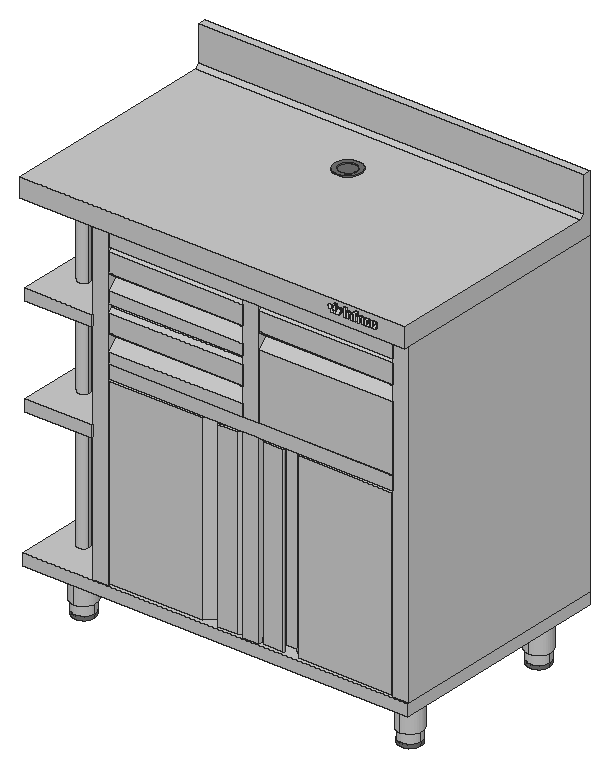
Revit family "QF_INFRICO_MCAF1000CD_250818084830", category Specialty Equipment, Revit 2021
Family settings
  Round Connector Dimension = Use Diameter
  Part Type = Normal
  OmniClass Number = 23.40.40.14
  OmniClass Title = Food Service Equipment
  Work Plane-Based = No
  Always vertical = Yes
  Cut with Voids When Loaded = No
  Shared = No
  Room Calculation Point = No
Parameters (values of type "MCAF1000CD")
  Weight [instance] = 59.00 kg
  Warranty Start Date [instance] = ""
  Warranty Duration [instance] = ""
  URL Recommended Spares List [instance] = ""
  URL Manufacturer [instance] = ""
  URL Cutsheet [instance] = ""
  URL Critical Spares List [instance] = ""
  URL = "www.infrico.com"
  Technical Documentation [instance] = ""
  Tag Number [instance] = ""
  Status [instance] = ""
  Specification by User [instance] = ""
  Specification by Manufacturer [instance] = ""
  Sound Level [instance] = ""
  Show Logo [instance] = yes
  Show Clearances [instance] = yes
  Service Life Duration [instance] = ""
  Serial Number [instance] = ""
  Seismic Rating [instance] = ""
  SMACNA No [instance] = ""
  Revision Code [instance] = ""
  Revision [instance] = ""
  Production Year [instance] = ""
  Point Load [instance] = 0
  Other Equipment Approvals [instance] = ""
  NAFEM Spec ID Number [instance] = ""
  Model Warning [instance] = ""
  Model = "MCAF1000CD"
  Masterspec [instance] = ""
  Manufacturer = "INFRICO"
  Length Actual [instance] = 1000 mm
  Item Number [instance] = ""
  Installed By [instance] = ""
  Installation Date [instance] = ""
  Identify Quantity as Lot [instance] = no
  ID [instance] = ""
  Hygiene Approval [instance] = ""
  Height Actual [instance] = 1050 mm
  Furnished By [instance] = ""
  Foodservice Equipment Identifier [instance] = no
  ETL Approved [instance] = no
  Description = "COFFEE UNIT - MCAF SERIES"
  Depth Actual [instance] = 600 mm
  Default Elevation = 0 mm
  Cost = 0
  CSI MasterFormat [instance] = ""
  CE Approved [instance] = no
  Barcode [instance] = 0
  Author [instance] = ""
  Asset Identifier [instance] = ""
  Accessory [instance] = no
Reference planes
  plane 1 "Center (Front/Back)": y = 0
  plane 2: z = 0
  plane 3 "Center (Left/Right)": x = 0
Dimensions and locks
  aligned and locked: level to plane 2
Nested families
  nested 1: "QF_INFRICO_MCAF1000CD_2920" at (0, 0, 0), type "MCAF1000CD"
    with Weight 59.00 kg, Warranty Start Date "", Warranty Duration "", URL Cutsheet "", Technical Documentation "", Tag Number "", Status "", Specification by User "", Specification by Manufacturer "", Sound Level "", Solid Fuel Type "", Show Logo yes, Show Clearances yes, Show Clearance yes, Service Life Duration "", Serial Number "", Seismic Rating "", SMACNA No "", Revision Code "", Revision "", Production Year "", Point Load 0, Other Equipment Approvals "", NAFEM Spec ID Number "", Model Warning "", Masterspec "", Length Actual 1000 mm, Item Number "", Installed By "", Installation Date "", Identify Quantity as Lot yes, ID "", Hygiene Approval "", Height Actual 1050 mm, Furnished By "", Foodservice Equipment Identifier yes, ETL Approved yes, Depth Actual 600 mm, CSI MasterFormat "", CE Approved no, Barcode "", Author "", Asset Identifier "", Accessory no
  nested 2: "QF_INFRICO_WORKTOP_MCAF_3963" at (0, 0, 990), type "ENC12CPMC10"
    with Weight 0.00 kg, Warranty Start Date "", Warranty Duration "", URL Cutsheet "", Technical Documentation "", Tag Number "", Status "", Specification by User "", Specification by Manufacturer "", Sound Level "", Solid Fuel Type "", Show Logo yes, Show Clearances yes, Show Clearance yes, Service Life Duration "", Serial Number "", Seismic Rating "", SMACNA No "", Revision Code "", Revision "", Production Year "", Point Load 0, Other Equipment Approvals "", NAFEM Spec ID Number "", Model Warning "", Masterspec "", Length Actual 1000 mm, Item Number "", Installed By "", Installation Date "", Identify Quantity as Lot yes, ID "", Hygiene Approval "", Height Actual 150 mm, Furnished By "", Foodservice Equipment Identifier yes, ETL Approved yes, Depth Actual 600 mm, CSI MasterFormat "", CE Approved no, Barcode "", Author "", Asset Identifier "", Accessory yes
Definition of nested family "QF_INFRICO_MCAF1000CD_2920"
  Parameters (values of type "MCAF1000CD")
    Weight [instance] = 0.00 kg
    Warranty Start Date [instance] = ""
    Warranty Duration [instance] = ""
    URL Cutsheet [instance] = ""
    URL = "www.infrico.com"
    Technical Documentation [instance] = ""
    Tag Number [instance] = ""
    Status [instance] = ""
    Specification by User [instance] = ""
    Specification by Manufacturer [instance] = ""
    Sound Level [instance] = ""
    Solid Fuel Type [instance] = ""
    Show Logo [instance] = yes
    Show Clearances [instance] = yes
    Show Clearance [instance] = yes
    Service Life Duration [instance] = ""
    Serial Number [instance] = ""
    Seismic Rating [instance] = ""
    SMACNA No [instance] = ""
    Revision Code [instance] = ""
    Revision [instance] = ""
    Production Year [instance] = ""
    Point Load [instance] = 0
    Other Equipment Approvals [instance] = ""
    NAFEM Spec ID Number [instance] = ""
    Model Warning [instance] = ""
    Model = "MCAF1000CD"
    Masterspec [instance] = ""
    Manufacturer = "INFRICO"
    Length Actual [instance] = 0 mm
    Item Number [instance] = ""
    Installed By [instance] = ""
    Installation Date [instance] = ""
    Identify Quantity as Lot [instance] = yes
    ID [instance] = ""
    Hygiene Approval [instance] = ""
    Height Actual [instance] = 0 mm
    Furnished By [instance] = ""
    Foodservice Equipment Identifier [instance] = yes
    ETL Approved [instance] = yes
    Description = "COFFEE UNIT - MCAF SERIES"
    Depth Actual [instance] = 0 mm
    Default Elevation = 0 mm
    CSI MasterFormat [instance] = ""
    CE Approved [instance] = yes
    Barcode [instance] = ""
    Author [instance] = ""
    Asset Identifier [instance] = ""
    Assembly Code = "E1090320"
    Accessory [instance] = yes
  Reference planes
    plane 1 "Back": y = 0
    plane 2: z = 0
    plane 3 "Left": x = 0
    plane 4 "Right": x = 1000
    plane 5 "Front": y = -600
    plane 6 "Top": z = 990
  Forms (mm)
    Extrusion 1, solid
      sketch origin (-1970.077, 406.333, 162.208) x (1, 0, 0) y (0, 1, 0)
        loop
          circle (2046.064, -477.342) r 15
      from -2.208 to 827.792
    Extrusion 2, solid
      sketch origin (-2000, 0, 130) x (0, 1, 0) y (0, 0, 1)
        loop
          line (0, 0) -> (0, 30) -> (-590.42, 30) -> (-590.42, 0) -> (0, 0)
      from 2000 to 3000
    Extrusion 3, solid
      sketch origin (-1970.077, -11.667, 162.208) x (1, 0, 0) y (0, 1, 0)
        loop
          circle (2046.064, -477.342) r 15
      from -2.208 to 827.792
    Extrusion 4, solid
      sketch origin (-2000.496, 0, 489.98) x (0, 1, 0) y (0, 0, 1)
        loop
          line (-1.18, 0) -> (-1.18, 30) -> (-590.42, 30) -> (-590.42, 0) -> (-1.18, 0)
      from 2005.497 to 2180.496
    Extrusion 5, solid
      sketch origin (-2000.496, 0, 747.98) x (0, 1, 0) y (0, 0, 1)
        loop
          line (-1.18, 0) -> (-1.18, 30) -> (-590.42, 30) -> (-590.42, 0) -> (-1.18, 0)
      from 2005.497 to 2180.496
    Extrusion 6, solid
      sketch origin (-4165.421, -1791.354, 306.976) x (0, 1, 0) y (0, 0, 1)
        loop
          line (1203.342, 629.226) -> (1203.342, 580.183)
          arc (1203.342, 580.183) -> (1205.032, 578.387) -> (1206.928, 579.964) r 1.8
          line (1206.928, 579.964) -> (1210.228, 606.836) -> (1214.91, 606.836) -> (1229.152, 592.594) -> (1229.152, 564.227) -> (1203.342, 538.417) -> (1203.342, 369.015) -> (1241.352, 369.015) -> (1241.352, 639.019) -> (1213.135, 639.019) -> (1203.342, 629.226)
      from 4776.423 to 5123.423
    Extrusion 7, solid
      sketch origin (-4553.821, -1791.354, 306.976) x (0, 1, 0) y (0, 0, 1)
        loop
          line (1203.342, 489.209) -> (1203.342, 440.167)
          arc (1203.342, 440.167) -> (1205.032, 438.37) -> (1206.928, 439.947) r 1.8
          line (1206.928, 439.947) -> (1210.228, 466.819) -> (1214.927, 466.819) -> (1229.152, 452.594) -> (1229.152, 424.21) -> (1203.342, 398.4) -> (1203.342, 369.015) -> (1241.352, 369.015) -> (1241.352, 499.019) -> (1213.152, 499.019) -> (1203.342, 489.209)
        loop
          line (1203.342, 629.226) -> (1203.342, 580.167)
          arc (1203.342, 580.167) -> (1205.032, 578.37) -> (1206.928, 579.947) r 1.8
          line (1206.928, 579.947) -> (1210.228, 606.819) -> (1214.927, 606.819) -> (1229.152, 592.594) -> (1229.152, 564.21) -> (1203.342, 538.4) -> (1203.342, 509.015) -> (1241.352, 509.015) -> (1241.352, 639.019) -> (1213.135, 639.019) -> (1203.342, 629.226)
      from 4775.843 to 5122.843
    Extrusion 8, solid
      sketch origin (-143.501, 0.1, 129.6) x (1, 0, 0) y (0, 1, 0)
        loop
          line (713.523, -550.102) -> (713.523, -588.112) -> (753.503, -588.112) -> (753.503, -550.102) -> (741.503, -550.102) -> (741.503, -576.302) -> (725.523, -576.302) -> (725.523, -550.102) -> (713.523, -550.102)
      from 545.391 to 817.395
    Extrusion 9, solid
      sketch origin (-143.501, 0.1, 129.6) x (1, 0, 0) y (0, 0, 1)
        loop
          line (363.501, 545.391) -> (363.501, 510.391) -> (1103.525, 510.391) -> (1103.525, 545.391) -> (363.501, 545.391)
      from 550.102 to 588.112
    Extrusion 10, solid
      sketch origin (-143.501, 0.1, 436.604) x (1, 0, 0) y (0, 0, 1)
        loop
          line (363.501, 550.391) -> (363.501, 510.391) -> (1103.525, 510.391) -> (1103.525, 550.391) -> (363.501, 550.391)
      from 550.102 to 588.112
    Extrusion 11, solid
      sketch origin (180, 0, 130) x (0, 1, 0) y (0, 0, 1)
        loop
          line (-588.012, 30) -> (0, 30) -> (0, 860) -> (-588.012, 860) -> (-588.012, 30)
      from 0 to 40
    Extrusion 12, solid
      sketch origin (960.024, 0, 130) x (0, 1, 0) y (0, 0, 1)
        loop
          line (-588.012, 30) -> (0, 30) -> (0, 860) -> (-588.012, 860) -> (-588.012, 30)
      from 0 to 40
    Extrusion 13, solid
      sketch origin (220.024, 0, 130) x (0, 1, 0) y (0, 0, 1)
        loop
          line (0, 30) -> (0, 130) -> (-2, 130) -> (-2, 30) -> (0, 30)
      from -0.024 to 740
    Extrusion 14, solid
      sketch origin (-144.001, 0, 130) x (0, 1, 0) y (0, 0, 1)
        loop
          line (0, 30) -> (0, 860) -> (-2, 860) -> (-2, 30) -> (0, 30)
      from 144.001 to 324.001
    Extrusion 15, solid
      sketch origin (-144.001, 0, 129.6) x (0, 1, 0) y (0, 0, 1)
        loop
          line (-2, 545.391) -> (0, 545.391) -> (0, 860.4) -> (-2, 860.4) -> (-2, 545.391)
      from 364.001 to 1104.025
    Extrusion 16, solid
      sketch origin (-123.986, 92, 130) x (0, 1, 0) y (-1, 0, 0)
        loop
          line (-530, -154.986) -> (-630, -154.986) -> (-630, -244.986) -> (-530, -244.986) -> (-530, -154.986)
      from 0 to -3
    Extrusion 17, solid
      sketch origin (-123.986, 92, 0) x (1, 0, 0) y (0, 1, 0)
        loop
          circle (199.986, -580) r 28
      from 9 to 35
    Extrusion 18, solid
      sketch origin (-123.986, 92, 0) x (1, 0, 0) y (0, 1, 0)
        loop
          circle (199.986, -580) r 28.5
      from 0 to 9
    Sweep 19, solid
      path origin (-123.986, 92, 0) x (0, 1, 0) y (0, 0, 1)
        loop
          line (-580, 35) -> (-580, 127)
      profile origin (-123.986, -488, 81) x (0, -1, 0) y (1, 0, 0)
        loop
          circle (0, 199.986) r 32
    Extrusion 20, solid
      sketch origin (-123.986, 510, 130) x (0, 1, 0) y (-1, 0, 0)
        loop
          line (-530, -154.986) -> (-630, -154.986) -> (-630, -244.986) -> (-530, -244.986) -> (-530, -154.986)
      from 0 to -3
    Extrusion 21, solid
      sketch origin (-123.986, 510, 0) x (1, 0, 0) y (0, 1, 0)
        loop
          circle (199.986, -580) r 28
      from 9 to 35
    Extrusion 22, solid
      sketch origin (-123.986, 510, 0) x (1, 0, 0) y (0, 1, 0)
        loop
          circle (199.986, -580) r 28.5
      from 0 to 9
    Sweep 23, solid
      path origin (-123.986, 510, 0) x (0, 1, 0) y (0, 0, 1)
        loop
          line (-580, 35) -> (-580, 127)
      profile origin (-123.986, -70, 81) x (0, -1, 0) y (1, 0, 0)
        loop
          circle (0, 199.986) r 32
    Extrusion 24, solid
      sketch origin (724.014, 92, 130) x (0, 1, 0) y (-1, 0, 0)
        loop
          line (-530, -154.986) -> (-630, -154.986) -> (-630, -244.986) -> (-530, -244.986) -> (-530, -154.986)
      from 0 to -3
    Extrusion 25, solid
      sketch origin (724.014, 92, 0) x (1, 0, 0) y (0, 1, 0)
        loop
          circle (199.986, -580) r 28
      from 9 to 35
    Extrusion 26, solid
      sketch origin (724.014, 92, 0) x (1, 0, 0) y (0, 1, 0)
        loop
          circle (199.986, -580) r 28.5
      from 0 to 9
    Sweep 27, solid
      path origin (724.014, 92, 0) x (0, 1, 0) y (0, 0, 1)
        loop
          line (-580, 35) -> (-580, 127)
      profile origin (724.014, -488, 81) x (0, -1, 0) y (1, 0, 0)
        loop
          circle (0, 199.986) r 32
    Extrusion 28, solid
      sketch origin (724.014, 510, 130) x (0, 1, 0) y (-1, 0, 0)
        loop
          line (-530, -154.986) -> (-630, -154.986) -> (-630, -244.986) -> (-530, -244.986) -> (-530, -154.986)
      from 0 to -3
    Extrusion 29, solid
      sketch origin (724.014, 510, 0) x (1, 0, 0) y (0, 1, 0)
        loop
          circle (199.986, -580) r 28
      from 9 to 35
    Extrusion 30, solid
      sketch origin (724.014, 510, 0) x (1, 0, 0) y (0, 1, 0)
        loop
          circle (199.986, -580) r 28.5
      from 0 to 9
    Sweep 31, solid
      path origin (724.014, 510, 0) x (0, 1, 0) y (0, 0, 1)
        loop
          line (-580, 35) -> (-580, 127)
      profile origin (724.014, -70, 81) x (0, -1, 0) y (1, 0, 0)
        loop
          circle (0, 199.986) r 32
    Extrusion 32, solid
      sketch origin (-143.501, 0.1, -177.004) x (1, 0, 0) y (0, 1, 0)
        loop
          line (713.523, -550.102) -> (713.523, -588.112) -> (753.503, -588.112) -> (753.503, -550.102) -> (741.503, -550.102) -> (741.503, -576.302) -> (725.523, -576.302) -> (725.523, -550.102) -> (713.523, -550.102)
      from 337.004 to 816.995
    Extrusion 33, solid
      sketch origin (-2144.001, -1999.892, 129.3) x (1, 0, 0) y (0, 1, 0)
        loop
          line (2649.583, 1411.88) -> (2700.005, 1411.88) -> (2710.015, 1421.89) -> (2710.015, 1449.89) -> (2367.015, 1449.89) -> (2367.015, 1411.88) -> (2608.712, 1411.88) -> (2634.927, 1438.094) -> (2663.311, 1438.094) -> (2677.536, 1423.869) -> (2677.536, 1419.171) -> (2649.117, 1415.681)
          arc (2649.117, 1415.681) -> (2647.668, 1413.574) -> (2649.583, 1411.88) r 1.929
      from 35.663 to 505.683
    Extrusion 34, solid
      sketch origin (3324.025, -1999.892, 129.3) x (-1, 0, 0) y (0, -1, 0)
        loop
          arc (2649.583, -1411.88) -> (2647.668, -1413.574) -> (2649.117, -1415.681) r 1.929
          line (2649.117, -1415.681) -> (2677.536, -1419.171) -> (2677.536, -1423.869) -> (2663.311, -1438.094) -> (2634.927, -1438.094) -> (2608.712, -1411.88) -> (2367.015, -1411.88) -> (2367.015, -1449.89) -> (2710.015, -1449.89) -> (2710.015, -1421.89) -> (2700.005, -1411.88) -> (2649.583, -1411.88)
      from 35.663 to 505.683
    Extrusion 35, solid, detail levels coarse
      sketch origin (-144.001, 0.1, -0.7) x (1, 0, 0) y (0, 1, 0)
        loop
          line (367.015, -588.112) -> (367.015, -893.112) -> (405.015, -893.112)
          arc (405.015, -893.112) -> (620.683, -803.78) -> (710.015, -588.112) r 305
          line (710.015, -588.112) -> (367.015, -588.112)
      from 165.663 to 635.683
    Extrusion 36, solid, detail levels coarse
      sketch origin (1324.025, 0.1, -0.7) x (-1, 0, 0) y (0, -1, 0)
        loop
          line (367.015, 588.112) -> (710.015, 588.112)
          arc (710.015, 588.112) -> (620.683, 803.78) -> (405.015, 893.112) r 305
          line (405.015, 893.112) -> (367.015, 893.112) -> (367.015, 588.112)
      from 165.663 to 635.683
  Lines and regions (mm)
    symbolic lines
      curve 1: line (0, 0, 0) -> (0, -600, 0)
      curve 2: line (0, -600, 0) -> (1000, -600, 0)
      curve 3: line (1000, -600, 0) -> (1000, 0, 0)
      curve 4: line (1000, 0, 0) -> (0, 0, 0)
      curve 5: line (223.014, -600, 0) -> (223.014, -893.012, 0)
      curve 6: arc (261.014, -893.012, 0) -> (472.401, -807.877, 0) -> (565.779, -600, 0) r 305
      curve 7: line (223.014, -893.012, 0) -> (261.014, -893.012, 0)
      curve 8: line (919.01, -893.012, 0) -> (957.01, -893.012, 0)
      curve 9: arc (614.245, -600, 0) -> (707.623, -807.877, 0) -> (919.01, -893.012, 0) r 305
      curve 10: line (957.01, -893.012, 0) -> (957.01, -600, 0)
  Dimensions and locks
    plane 3 "Left" to plane 4 "Right" = 1000 mm
    plane 1 "Back" to plane 5 "Front" = 600 mm  (x2)
    plane 4 "Right" to plane 3 "Left" = 1000 mm
    plane 6 "Top" to level = 990 mm  (x2)
    aligned and locked: level to plane 2
Definition of nested family "QF_INFRICO_WORKTOP_MCAF_3963"
  Parameters (values of type "ENC12CPMC25")
    Weight [instance] = 0.00 kg
    Warranty Start Date [instance] = ""
    Warranty Duration [instance] = ""
    URL Cutsheet [instance] = ""
    URL = "www.infrico.com"
    Technical Documentation [instance] = ""
    Tag Number [instance] = ""
    Status [instance] = ""
    Specification by User [instance] = ""
    Specification by Manufacturer [instance] = ""
    Sound Level [instance] = ""
    Solid Fuel Type [instance] = ""
    Show Logo [instance] = yes
    Show Clearances [instance] = yes
    Show Clearance [instance] = yes
    Service Life Duration [instance] = ""
    Serial Number [instance] = ""
    Seismic Rating [instance] = ""
    SMACNA No [instance] = ""
    Revision Code [instance] = ""
    Revision [instance] = ""
    Production Year [instance] = ""
    Point Load [instance] = 0
    Other Equipment Approvals [instance] = ""
    NAFEM Spec ID Number [instance] = ""
    Model Warning [instance] = ""
    Model = "ENC12CPMC25"
    Masterspec [instance] = ""
    Manufacturer = "INFRICO"
    Length Actual [instance] = 0 mm
    Length = 2452 mm
    Item Number [instance] = ""
    Installed By [instance] = ""
    Installation Date [instance] = ""
    Identify Quantity as Lot [instance] = yes
    ID [instance] = ""
    Hygiene Approval [instance] = ""
    Height Actual [instance] = 0 mm
    Furnished By [instance] = ""
    Foodservice Equipment Identifier [instance] = yes
    ETL Approved [instance] = yes
    Description = "WORKTOP WITH BACKSPLASH"
    Depth Actual [instance] = 0 mm
    Depth = 600 mm
    Default Elevation = 0 mm
    CSI MasterFormat [instance] = ""
    CE Approved [instance] = yes
    Barcode [instance] = ""
    Author [instance] = ""
    Asset Identifier [instance] = ""
    Assembly Code = "E1090320"
    Accessory [instance] = yes
  Types (5, lengths in mm): name | Model | Length
    ENC12CPMC8 | "ENC12CPMC8" | 820
    ENC12CPMC10 | "ENC12CPMC10" | 1000
    ENC12CPMC15 | "ENC12CPMC15" | 1468
    ENC12CPMC20 | "ENC12CPMC20" | 1960
    ENC12CPMC25 | "ENC12CPMC25" | 2452
  Reference planes
    plane 1 "Back": y = 0
    plane 2: z = 0
    plane 3 "Left": x = 0
    plane 4 "Right": x = 2452
    plane 5 "Front": y = -600
    plane 6 "Top": z = 150
    plane 7 "Center": x = 1226
    plane 8: z = 50
  Forms (mm)
    Extrusion 1, solid
      sketch origin (0, 0, 0) x (0, 1, 0) y (0, 0, 1)
        loop
          line (0, 0) -> (0, 150) -> (-20, 150) -> (-20, 60) -> (-30, 50) -> (-600, 50) -> (-600, 0) -> (0, 0)
      from 0 to 2452
    Extrusion 2, solid
      sketch origin (0, 0, 50) x (1, 0, 0) y (0, 1, 0)
        loop
          circle (1226, -160) r 34
        loop
          circle (1226, -160) r 23
      from 0 to 2
    Extrusion 3, solid
      sketch origin (0, 0, 48.5) x (1, 0, 0) y (0, 1, 0)
        loop
          circle (1226, -160) r 23
      from 0 to 2
  Lines and regions (mm)
    symbolic lines
      curve 1: line (2452, 0, 0) -> (0, 0, 0)
      curve 2: line (0, 0, 0) -> (0, -600, 0)
      curve 3: line (0, -600, 0) -> (2452, -600, 0)
      curve 4: line (2452, -600, 0) -> (2452, 0, 0)
      curve 5: line (0, -20, 0) -> (2452, -20, 0)
      curve 6: circle (1226, -160, 0) r 34 normal (0, 0, 1)
      curve 7: circle (1226, -160, 0) r 23 normal (0, 0, -1)
  Dimensions and locks
    plane 6 "Top" to level = 150 mm
    plane 1 "Back" to plane 5 "Front" = 600 mm
    equal spacing: plane 3 "Left", plane 7 "Center", plane 4 "Right"
    "Length": plane 3 "Left" to plane 4 "Right"
    "Depth": plane 5 "Front" to plane 1 "Back"
    locked: plane 8 to plane 2 at 50
    locked: nested 1 to plane 4 "Right" at 143.718
    aligned and locked: level to plane 2
    aligned and locked: Extrusion 1 to plane 4 "Right"
    aligned and locked: nested 1 to plane 2
    aligned and locked: nested 1 to plane 5 "Front"
  Automatic sketch dimensions
    curve 6 to curve 7 = 0 mm  (x2)
    plane 1 "Back" to curve 1 = 0 mm
    curve 1 to plane 3 "Left" = 0 mm
    curve 6 to plane 7 "Center" = 0 mm
    curve 4 to plane 4 "Right" = 0 mm
    curve 3 to plane 5 "Front" = 0 mm
    plane 1 "Back" to curve 7 = 160 mm
    plane 1 "Back" to curve 5 = 20 mm
    Extrusion 1 sketch curve to level = 0 mm
    Extrusion 1 sketch curve to plane 5 "Front" = 0 mm
    Extrusion 1 sketch curve to plane 6 "Top" = 0 mm
    Extrusion 1 sketch curve to plane 1 "Back" = 0 mm
    plane 1 "Back" to Extrusion 1 sketch curve = 30 mm
    Extrusion 1 sketch curve to Extrusion 1 sketch curve = 10 mm  (x2)
    level to Extrusion 1 sketch curve = 50 mm
    Extrusion 2 sketch curve to Extrusion 2 sketch curve = 0 mm  (x2)
    Extrusion 2 sketch curve to plane 7 "Center" = 0 mm
    plane 1 "Back" to Extrusion 2 sketch curve = 160 mm
    Extrusion 3 sketch curve to plane 7 "Center" = 0 mm
    plane 1 "Back" to Extrusion 3 sketch curve = 160 mm
    radius of curve 6 = 34 mm
    radius of curve 7 = 23 mm
    radius of Extrusion 2 sketch curve = 34 mm
    radius of Extrusion 2 sketch curve = 23 mm
    radius of Extrusion 3 sketch curve = 23 mm
  Nested families
    nested 1: "Infrico_Logo" at (2308.282, -600, 0), type "Infrico_Logo"
      with Show Logo yes
  Definition of nested family "Infrico_Logo"
    Parameters
      Show Logo [instance] = yes
      Default Elevation = 0 mm
    Reference planes
      plane 1 "Center (Front/Back)": y = 0
      plane 2: z = 0
      plane 3 "Center (Left/Right)": x = 0
    Forms (mm)
      Extrusion 1, solid, visible <- "Show Logo"
        sketch origin (0, 0, 0) x (1, 0, 0) y (0, 0, 1)
          loop
            line (-7.673, 19.987) -> (-7.673, 42.661) -> (-12.299, 42.661) -> (-12.299, 19.987) -> (-7.673, 19.987)
          loop
            line (-1.693, 36.463) -> (-5.189, 36.463) -> (-5.189, 19.987) -> (-0.7, 19.987) -> (-0.7, 31.289)
            arc (-0.7, 31.289) -> (1.056, 32.199) -> (2.945, 32.781) r 11.052
            arc (2.945, 32.781) -> (4.457, 32.418) -> (5.126, 31.015) r 1.806
            line (5.126, 31.015) -> (5.126, 19.987) -> (9.649, 19.987) -> (9.649, 32.146)
            arc (9.649, 32.146) -> (8.165, 35.533) -> (4.669, 36.738) r 4.607
            arc (4.669, 36.738) -> (1.81, 36.131) -> (-0.803, 34.819) r 11.435
            line (-0.803, 34.819) -> (-0.871, 35.641)
            arc (-0.871, 35.641) -> (-1.112, 36.223) -> (-1.693, 36.463) r 0.822
          loop
            line (22.085, 43.56) -> (20.834, 43.56)
            arc (20.834, 43.56) -> (18.58, 43.383) -> (16.409, 42.754) r 11.103
            arc (16.409, 42.754) -> (14.333, 41.074) -> (13.552, 38.519) r 4.567
            line (13.552, 38.519) -> (13.552, 36.366) -> (10.879, 36.16) -> (10.879, 32.831) -> (13.552, 32.831) -> (13.552, 19.987) -> (18.076, 19.987) -> (18.076, 32.831) -> (21.777, 32.831) -> (21.777, 36.395) -> (18.076, 36.395) -> (18.076, 38.005)
            arc (18.076, 38.005) -> (18.484, 39.163) -> (19.573, 39.728) r 1.67
            line (19.573, 39.728) -> (21.228, 39.856)
            arc (21.228, 39.856) -> (21.834, 40.107) -> (22.085, 40.713) r 0.857
            line (22.085, 40.713) -> (22.085, 43.56)
          loop
            line (23.007, 36.463) -> (23.007, 19.987) -> (27.496, 19.987) -> (27.496, 30.809)
            arc (27.496, 30.809) -> (29.401, 32.088) -> (31.605, 32.725) r 7.435
            line (31.605, 32.725) -> (32.769, 32.873)
            arc (32.769, 32.873) -> (33.171, 33.216) -> (33.321, 33.722) r 0.928
            line (33.321, 33.722) -> (33.321, 35.915)
            arc (33.321, 35.915) -> (33.059, 36.518) -> (32.44, 36.737) r 0.824
            arc (32.44, 36.737) -> (29.725, 36.045) -> (27.427, 34.442) r 7.833
            line (27.427, 34.442) -> (27.254, 36.463) -> (23.007, 36.463)
          loop
            line (39.023, 19.987) -> (39.023, 36.463) -> (34.534, 36.463) -> (34.534, 19.987) -> (39.023, 19.987)
          loop
            arc (40.949, 24.784) -> (42.095, 21.645) -> (44.994, 19.982) r 4.873
            arc (44.994, 19.982) -> (48.021, 19.723) -> (51.049, 19.982) r 17.816
            arc (51.049, 19.982) -> (54.103, 22.591) -> (55.033, 26.498) r 6.481
            line (55.033, 26.498) -> (50.715, 26.498) -> (50.715, 25.127)
            arc (50.715, 25.127) -> (50.168, 23.91) -> (48.97, 23.322) r 1.965
            arc (48.97, 23.322) -> (48.076, 23.273) -> (47.181, 23.322) r 8.196
            arc (47.181, 23.322) -> (45.945, 23.873) -> (45.438, 25.127) r 1.806
            line (45.438, 25.127) -> (45.438, 31.358)
            arc (45.438, 31.358) -> (45.945, 32.612) -> (47.181, 33.163) r 1.806
            arc (47.181, 33.163) -> (48.076, 33.212) -> (48.97, 33.163) r 8.196
            arc (48.97, 33.163) -> (50.168, 32.575) -> (50.715, 31.358) r 1.965
            line (50.715, 31.358) -> (50.715, 30.295) -> (55.033, 30.295)
            arc (55.033, 30.295) -> (54.052, 34.014) -> (51.049, 36.416) r 6.132
            arc (51.049, 36.416) -> (48.021, 36.751) -> (44.994, 36.416) r 13.851
            arc (44.994, 36.416) -> (42.099, 34.807) -> (40.949, 31.7) r 4.772
            line (40.949, 31.7) -> (40.949, 24.784)
          loop
            arc (56.444, 24.787) -> (57.521, 21.802) -> (60.254, 20.191) r 4.676
            arc (60.254, 20.191) -> (62.043, 19.913) -> (63.846, 19.748) r 28.371
            arc (63.846, 19.748) -> (65.65, 19.913) -> (67.439, 20.191) r 28.371
            arc (67.439, 20.191) -> (70.172, 21.802) -> (71.248, 24.787) r 4.676
            line (71.248, 24.787) -> (71.248, 31.699)
            arc (71.248, 31.699) -> (70.172, 34.684) -> (67.439, 36.295) r 4.676
            arc (67.439, 36.295) -> (65.65, 36.573) -> (63.846, 36.738) r 28.371
            arc (63.846, 36.738) -> (62.043, 36.573) -> (60.254, 36.295) r 28.371
            arc (60.254, 36.295) -> (57.521, 34.684) -> (56.444, 31.699) r 4.676
            line (56.444, 31.699) -> (56.444, 24.787)
          loop
            line (60.933, 31.323) -> (60.933, 25.162)
            arc (60.933, 25.162) -> (61.372, 24.014) -> (62.464, 23.449) r 1.725
            arc (62.464, 23.449) -> (63.155, 23.376) -> (63.846, 23.313) r 46.133
            arc (63.846, 23.313) -> (64.538, 23.376) -> (65.229, 23.449) r 46.133
            arc (65.229, 23.449) -> (66.321, 24.014) -> (66.759, 25.162) r 1.725
            line (66.759, 25.162) -> (66.759, 31.323)
            arc (66.759, 31.323) -> (66.321, 32.472) -> (65.229, 33.037) r 1.725
            arc (65.229, 33.037) -> (64.538, 33.11) -> (63.846, 33.173) r 46.133
            arc (63.846, 33.173) -> (63.155, 33.11) -> (62.464, 33.037) r 46.133
            arc (62.464, 33.037) -> (61.372, 32.472) -> (60.933, 31.323) r 1.725
          loop
            arc (-26.133, 20) -> (-25.061, 20.444) -> (-24.616, 21.516) r 1.516
            line (-24.616, 21.516) -> (-24.616, 27.349) -> (-20.437, 27.349)
            arc (-20.437, 27.349) -> (-19.682, 27.578) -> (-19.254, 28.24) r 1.147
            line (-19.254, 28.24) -> (-19.254, 29.669)
            arc (-19.254, 29.669) -> (-19.685, 30.716) -> (-20.753, 31.091) r 1.385
            line (-20.753, 31.091) -> (-21.952, 31.091) -> (-19.254, 33.789)
            arc (-19.254, 33.789) -> (-18.867, 34.723) -> (-19.254, 35.657) r 1.321
            line (-19.254, 35.657) -> (-19.977, 36.38)
            arc (-19.977, 36.38) -> (-20.932, 36.796) -> (-21.914, 36.449) r 1.422
            line (-21.914, 36.449) -> (-24.619, 33.744) -> (-24.619, 34.937)
            arc (-24.619, 34.937) -> (-25.029, 35.973) -> (-26.037, 36.449) r 1.516
            line (-26.037, 36.449) -> (-26.958, 36.449)
            arc (-26.958, 36.449) -> (-27.961, 35.971) -> (-28.369, 34.937) r 1.516
            line (-28.369, 34.937) -> (-28.369, 30.287) -> (-34.399, 24.793) -> (-34.399, 30.966) -> (-30.833, 34.532)
            arc (-30.833, 34.532) -> (-30.419, 35.53) -> (-30.833, 36.529) r 1.412
            line (-30.833, 36.529) -> (-31.485, 37.181)
            arc (-31.485, 37.181) -> (-32.533, 37.598) -> (-33.557, 37.124) r 1.428
            line (-33.557, 37.124) -> (-34.399, 36.283) -> (-34.399, 41.241)
            arc (-34.399, 41.241) -> (-34.814, 42.244) -> (-35.817, 42.66) r 1.418
            line (-35.817, 42.66) -> (-36.746, 42.66)
            arc (-36.746, 42.66) -> (-37.749, 42.244) -> (-38.164, 41.241) r 1.418
            line (-38.164, 41.241) -> (-38.164, 36.283) -> (-39.006, 37.124)
            arc (-39.006, 37.124) -> (-40.03, 37.598) -> (-41.078, 37.181) r 1.428
            line (-41.078, 37.181) -> (-41.73, 36.529)
            arc (-41.73, 36.529) -> (-42.144, 35.53) -> (-41.73, 34.532) r 1.412
            line (-41.73, 34.532) -> (-38.164, 30.966) -> (-38.164, 24.793) -> (-44.194, 30.287) -> (-44.194, 34.937)
            arc (-44.194, 34.937) -> (-44.602, 35.971) -> (-45.605, 36.449) r 1.516
            line (-45.605, 36.449) -> (-46.526, 36.449)
            arc (-46.526, 36.449) -> (-47.534, 35.973) -> (-47.944, 34.937) r 1.516
            line (-47.944, 34.937) -> (-47.944, 33.744) -> (-50.649, 36.449)
            arc (-50.649, 36.449) -> (-51.631, 36.796) -> (-52.586, 36.38) r 1.422
            line (-52.586, 36.38) -> (-53.309, 35.657)
            arc (-53.309, 35.657) -> (-53.696, 34.723) -> (-53.309, 33.789) r 1.321
            line (-53.309, 33.789) -> (-50.611, 31.091) -> (-51.81, 31.091)
            arc (-51.81, 31.091) -> (-52.878, 30.716) -> (-53.309, 29.669) r 1.385
            line (-53.309, 29.669) -> (-53.309, 28.24)
            arc (-53.309, 28.24) -> (-52.881, 27.578) -> (-52.126, 27.349) r 1.147
            line (-52.126, 27.349) -> (-47.947, 27.349) -> (-47.947, 21.516)
            arc (-47.947, 21.516) -> (-47.502, 20.444) -> (-46.43, 20) r 1.516
            line (-46.43, 20) -> (-26.133, 20)
        from 0 to 2
    Dimensions and locks
      aligned and locked: level to plane 2
